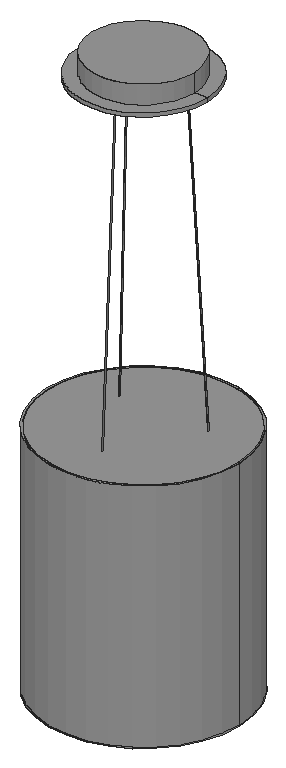
Revit family "Artemide_Tagora_Suspended_270", category Lighting Fixtures, Revit 2018
Family settings
  Round Connector Dimension = Use Diameter
  Part Type = Normal
  Work Plane-Based = Yes
  Always vertical = Yes
  Cut with Voids When Loaded = No
  Light Source = Yes
  Shared = No
  Room Calculation Point = No
Parameters (values of type "Tagora_Suspended_270_32°_3000K_Beige/White_M249821")
  Wattage = 34 W
  built-in parameter 1150110 = 1 (stored number, unit not read)
  Voltage = "-"
  built-in parameter 1114217 = 1 (stored number, unit not read)
  Tilt Angle = 90.00°
  built-in parameter 1150109 = 1 (stored number, unit not read)
  built-in parameter 1150134 = (empty or 0)
  built-in parameter 1150113 = 1 (stored number, unit not read)
  Radius_InternalCylinder = Radius_ExternalCyilinder - 2 mm  # 133 mm
  Radius_ExternalCyilinder = 135 mm
  Product Range = "Tagora"
  Photometric Web File = "M249821.IES"
  Max Height from ceiling = 2000 mm
  M_HousingCylinder = Artemide_Aluminum_Beige
  M_Housing = Artemide_Aluminum_White
  M_Fixings = Artemide_Aluminum_Anodized
  M_Diffuser = Artemide_Glass_LightBulb
  built-in parameter 1150105 = 130.17 (stored number, unit not read)
  Lumens = 1635.74 lm
  built-in parameter 1150115 = 1 (stored number, unit not read)
  built-in parameter 1150137 = (empty or 0)
  built-in parameter 1150139 = (empty or 0)
  built-in parameter 1150112 = 1 (stored number, unit not read)
  built-in parameter 1150114 = 1 (stored number, unit not read)
  built-in parameter 1150132 = (empty or 0)
  built-in parameter 1150102 = (empty or 0)
  built-in parameter 1150107 = 3000 (stored number, unit not read)
  built-in parameter 1150138 = (empty or 0)
  built-in parameter 1150106 = 1.3017 (stored number, unit not read)
  IfcExportType = "NOT DEFINED"  # constant formula
  IfcExportAs = "IfcLightFixtureType"  # constant formula
  Weekly = "-"
  Warranty ID = "https://cloud.artemide.com/5-years-warranty"
  Upward Component  = 0
  Unified Glare Rating  = "-"
  Uniclass 2015 = "Pr_70_70_48"  # constant formula
  URL to O&M Manual = "https://www.artemide.com/contents/documenti/prodotto/tagora_sospensione_270__instructions2513870.pdf"
  URL to Energy Technology List = "-"
  Trim Material = "-"
  Trim Finish = "-"
  Trim Colour  = "-"
  Total Power = 0
  Total Light Output  = 0
  Testing method = "-"
  Supply Phase = 0
  Suitable for Photocell Control = "-"
  Suitable for Motion Detector Control = "N"
  Suitable for Dimming  = "Y"
  Suitable Dimmer Type = "DALI"
  Standards = "-"
  Shipping Weight = 0
  Service life  = "-"
  Secondary Rated Lamp Life = 0
  Secondary Lamp Voltage = 0
  Secondary Lamp International Type Code = "-"
  Secondary Lamp Initial Lumens  = 0
  Secondary Lamp Included = "-"
  Secondary Lamp Efficacy = 0
  Secondary Lamp Colour Temperature = 0
  Secondary Lamp Colour Rendering Index = 0
  Secondary Lamp Cap = "-"
  Secondary Lamp = "-"
  Responsible Sourcing of Materials = "-"
  Responsible Extraction of Materials = "-"
  Reflector Material = "-"
  Reflector Finish = "-"
  Rated Lamp Life = 50000
  Quarterly = "-"
  Product Model Number = "M249821"
  Product Literature = "https://www.artemide.com/en/subfamily/1650634/tagora-suspension-270"
  Primary Lamp Type = "LED"
  Power Supply Kit = "-"
  Power Factor = 0
  Photocell = "-"
  Overall Width = 0
  Overall Light Output Ratio = 0
  Overall Length = 270
  Overall Height = 330
  Output Lumens Indirect light = 0
  Output Lumens Direct light = 1636
  Number of Secondary Lamps = 0
  Number of Primary Lamps = 1
  Number of Poles = 0
  Motion Sensor = "-"
  Motion Detector = "-"
  Monthly = "-"
  Minimum Operating Temperature = 0
  Maximum Operating Temperature = 0
  Material Ingredient Reporting = "-"
  Manufacturer Website = "https://www.artemide.com"
  Manufacturer = "Artemide"
  Maintenance Required: 8001-12000hrs  = "-"
  Maintenance Required: 601-1000hrs = "-"
  Maintenance Required: 4001-8000hrs  = "-"
  Maintenance Required: 301-600hrs  = "-"
  Maintenance Required: 2001-4000hrs  = "-"
  Maintenance Required: 1001-2000hrs  = "-"
  Maintenance Required: 0-300hrs  = "-"
  Luminance at 65deg Angle = 0
  Luminaire Type = "Pendant"
  Luminaire Maintenance Factor = 0
  Luminaire Cleaning Interval  = "-"
  Louvre/Lens = "-"
  Location of Manufacturer = "-"
  Light Output Pattern = "-"
  Light Fixture Mounting Type = "Suspended"
  Life Cycle Analysis = "-"
  Lamp Survival Factor = "-"
  Lamp Replacement Interval = "-"
  Lamp Included = "Y"
  Lamp Holder Material = "-"
  Lamp Cap = "LED Integrated"
  LED lifetime = 50000
  LED Maintained Colour Variation         = 0
  LED Initial Colour Variation                      = 0
  International Type Code = "-"
  Intended Market = "Unset"
  Integral Fuse or Circuit Protection  = "-"
  Integral Emergency Lighting Battery Type = "-"
  Input Lumens Indirect light = 0
  Input Lumens Direct light = 3798
  Initial Lumens = 1636
  Infills = "-"
  IP Rating = "IP20"
  IK Rating = "-"
  IES Files  = "https://www.artemide.com/product/downloadFile/1715930/ieseu/4887936"
  Housing Material = "Aluminium"
  Housing Finish  = "Painted"
  Housing Colour  = "Beige/White"
  Hazardous Area Protection Type = "-"
  Hazardous Area Category = "-"
  Gross Weight = 3.15
  Green Guide for Specification = "-"
  Gasket Material = "-"
  Frequency  = 0
  Fixings = "-"
  Fixing Material = "-"
  Fire Shroud = "-"
  Fire Rating Duration = 0
  Fire Rated Temperature = 0
  Fire Rated = "-"
  Features = "Any additional components/accessories included in this file are required to complete the product/configuration and must be ordered separately.Please check the catalogue/dedicated brochure for more information"
  Face Width = 0
  Face Shape = "Cylindrical"
  Face Length = 0
  External Control Line Voltage = 0
  Expected Life = "-"
  Environmental Product Declaration = "-"
  End Caps/Transition Caps/Joints = "-"
  Emit from Circle Diameter = 122.7 mm
  Emit Shape Visible in Rendering = no
  Emergency light output percentage = 0
  Emergency Lighting Battery = "-"
  Emergency Charging Power       = 0
  Emergency = "N"
  Embodied Carbon  = 0
  Efficiency = 43
  built-in parameter 1150104 = 4.4696 (stored number, unit not read)
  Earth Point  = "-"
  ENEC Certification of European conformity = "N"
  Duration of Integral Emergency Lighting  = 0
  Drive Current                                          = 0
  Downward Component = 0
  Distance_LampFromCeilingMax [instance] = if(Distance_LampFromCeiling < Max Height from ceiling, Distance_LampFromCeiling, Max Height from ceiling)  # 469.5 mm
  Distance_LampFromCeiling [instance] = 469.5 mm
  Distance_HeightLamp = 329.5 mm
  Dimming Lamp Color Temperature Shift = <None>
  Diffusing screen = "-"
  Diffuser Material  = "-"
  Diffuser Finish = "-"
  Designed by = "S./R. Cornelissen"
  Default Elevation = 1219.2 mm
  Daylight Sensor = "-"
  Daily = "-"
  Cut Out Width = 0
  Cut Out Length = 0
  Current  = 0
  Control Gear Type = "-"
  Control Gear Standby Power  = 0
  Control Gear Required = "-"
  Control Gear Location = "-"
  Column = "-"
  Colour Temperature = 3000
  Colour Rendering Index = 90
  Color Filter = 16777215
  Cable Material = "-"
  CE Approval = "Y"
  Bespoke Timeframe = "-"
  Beam Angle Transverse Axis  = 0.00°
  Beam Angle Longditudinal Axis  = 0.00°
  Basis of lifetime luminaire failures        = 0
  Basis of lifetime lumen depreciation   = 0
  built-in parameter 1114218 = 1 (stored number, unit not read)
  built-in parameter 1150133 = 10 (stored number, unit not read)
  Application Environment = "Internal"
  Annually = "-"
  Ambient Temperature                             = 0
  Air Handling = "-"
  Access Clearance Top = 0
  Access Clearance Right = 0
  Access Clearance Rear = 0
  Access Clearance Left = 0
  Access Clearance Front = 0
  Access Clearance Bottom = 0
  6 Monthly = "-"
Types (20, lengths in mm): name | built-in parameter 1150134 | Photometric Web File | M_HousingCylinder | M_Housing | built-in parameter 1150105 | Lumens | built-in parameter 1150107 | built-in parameter 1150106 | Product Model Number | Output Lumens Direct light | Input Lumens Direct light | Initial Lumens | IES Files  | Housing Colour  | Efficiency | built-in parameter 1150104 | Colour Temperature
  Tagora_Suspended_270_16°_3000K_Beige/White_M249621 | (empty or 0) | "M249621.IES" | Artemide_Aluminum_Beige | Artemide_Aluminum_White | 143.56 (stored number, unit not read) | 1804.04 lm | 3000 (stored number, unit not read) | 1.4356 (stored number, unit not read) | "M249621" | 1804 | 3798 | 1804 | "https://www.artemide.com/product/downloadFile/1715632/ieseu/4887986" | "Beige/White" | 47 | 4.9294 (stored number, unit not read) | 3000
  Tagora_Suspended_270_16°_4000K_Beige/White_M249721 | 12 | "M249721.IES" | Artemide_Aluminum_Beige | Artemide_Aluminum_White | 153.27 (stored number, unit not read) | 1926.1 lm | 4000 (stored number, unit not read) | 1.5327 (stored number, unit not read) | "M249721" | 1926 | 4054 | 1926 | "https://www.artemide.com/product/downloadFile/1716520/ieseu/4887940" | "Beige/White" | 48 | 5.263 (stored number, unit not read) | 4000
  Tagora_Suspended_270_32°_3000K_Beige/White_M249821 | (empty or 0) | "M249821.IES" | Artemide_Aluminum_Beige | Artemide_Aluminum_White | 130.17 (stored number, unit not read) | 1635.74 lm | 3000 (stored number, unit not read) | 1.3017 (stored number, unit not read) | "M249821" | 1636 | 3798 | 1636 | "https://www.artemide.com/product/downloadFile/1715930/ieseu/4887936" | "Beige/White" | 43 | 4.4696 (stored number, unit not read) | 3000
  Tagora_Suspended_270_32°_4000K_Beige/White_M249921 | 12 | "M249921.IES" | Artemide_Aluminum_Beige | Artemide_Aluminum_White | 138.77 (stored number, unit not read) | 1743.86 lm | 4000 (stored number, unit not read) | 1.3877 (stored number, unit not read) | "M249921" | 1744 | 4054 | 1744 | "https://www.artemide.com/product/downloadFile/1716136/ieseu/4887717" | "Beige/White" | 43 | 4.765 (stored number, unit not read) | 4000
  Tagora_Suspended_270_16°_3000K_Grey/White_M249661 | (empty or 0) | "M249661.IES" | Artemide_Aluminum_Grey | Artemide_Aluminum_White | 143.56 (stored number, unit not read) | 1804.04 lm | 3000 (stored number, unit not read) | 1.4356 (stored number, unit not read) | "M249661" | 1804 | 3798 | 1804 | "https://www.artemide.com/product/downloadFile/1714806/ieseu/4887774" | "Grey/White" | 47 | 4.9294 (stored number, unit not read) | 3000
  Tagora_Suspended_270_16°_4000K_Grey/White_M249761 | 12 | "M249761.IES" | Artemide_Aluminum_Grey | Artemide_Aluminum_White | 153.27 (stored number, unit not read) | 1926.1 lm | 4000 (stored number, unit not read) | 1.5327 (stored number, unit not read) | "M249761" | 1926 | 4054 | 1926 | "https://www.artemide.com/product/downloadFile/1715222/ieseu/4887850" | "Grey/White" | 48 | 5.263 (stored number, unit not read) | 4000
  Tagora_Suspended_270_32°_3000K_Grey/White_M249861 | (empty or 0) | "M249861.IES" | Artemide_Aluminum_Grey | Artemide_Aluminum_White | 130.17 (stored number, unit not read) | 1635.74 lm | 3000 (stored number, unit not read) | 1.3017 (stored number, unit not read) | "M249861" | 1636 | 3798 | 1636 | "https://www.artemide.com/product/downloadFile/1715016/ieseu/4887851" | "Grey/White" | 43 | 4.4696 (stored number, unit not read) | 3000
  Tagora_Suspended_270_32°_4000K_Grey/White_M249961 | 12 | "M249961.IES" | Artemide_Aluminum_Grey | Artemide_Aluminum_White | 138.77 (stored number, unit not read) | 1743.86 lm | 4000 (stored number, unit not read) | 1.3877 (stored number, unit not read) | "M249961" | 1744 | 4054 | 1744 | "https://www.artemide.com/product/downloadFile/1715426/ieseu/4887833" | "Grey/White" | 43 | 4.765 (stored number, unit not read) | 4000
  Tagora_Suspended_270_16°_3000K_Black/Orange_M249611 | (empty or 0) | "M249611.IES" | Artemide_Aluminum_Black | Artemide_Aluminum_Orange | 143.56 (stored number, unit not read) | 1804.04 lm | 3000 (stored number, unit not read) | 1.4356 (stored number, unit not read) | "M249611" | 1804 | 3798 | 1804 | "https://www.artemide.com/product/downloadFile/1713613/ieseu/4887879" | "Black/Orange" | 47 | 4.9294 (stored number, unit not read) | 3000
  Tagora_Suspended_270_16°_4000K_Black/Orange_M249711 | 12 | "M249711.IES" | Artemide_Aluminum_Black | Artemide_Aluminum_Orange | 153.27 (stored number, unit not read) | 1926.1 lm | 4000 (stored number, unit not read) | 1.5327 (stored number, unit not read) | "M249711" | 1926 | 4054 | 1926 | "https://www.artemide.com/product/downloadFile/1714514/ieseu/4887754" | "Black/Orange" | 48 | 5.263 (stored number, unit not read) | 4000
  Tagora_Suspended_270_32°_3000K_Black/Orange_M249811 | (empty or 0) | "M249811.IES" | Artemide_Aluminum_Black | Artemide_Aluminum_Orange | 130.17 (stored number, unit not read) | 1635.74 lm | 3000 (stored number, unit not read) | 1.3017 (stored number, unit not read) | "M249811" | 1636 | 3798 | 1636 | "https://www.artemide.com/product/downloadFile/1714016/ieseu/4887881" | "Black/Orange" | 43 | 4.4696 (stored number, unit not read) | 3000
  Tagora_Suspended_270_32°_4000K_Black/Orange_M249911 | 12 | "M249911.IES" | Artemide_Aluminum_Black | Artemide_Aluminum_Orange | 138.77 (stored number, unit not read) | 1743.86 lm | 4000 (stored number, unit not read) | 1.3877 (stored number, unit not read) | "M249911" | 1744 | 4054 | 1744 | "https://www.artemide.com/product/downloadFile/1714222/ieseu/4887810" | "Black/Orange" | 43 | 4.765 (stored number, unit not read) | 4000
  Tagora_Suspended_270_16°_3000K_Black/Blue_M249631 | (empty or 0) | "M249631.IES" | Artemide_Aluminum_Black | Artemide_Aluminum_Blue | 143.56 (stored number, unit not read) | 1804.04 lm | 3000 (stored number, unit not read) | 1.4356 (stored number, unit not read) | "M249631" | 1804 | 3798 | 1804 | "https://www.artemide.com/product/downloadFile/2513911/ieseu/4887813" | "Black/Blue" | 47 | 4.9294 (stored number, unit not read) | 3000
  Tagora_Suspended_270_16°_4000K_Black/Blue_M249731 | 12 | "M249731.IES" | Artemide_Aluminum_Black | Artemide_Aluminum_Blue | 153.27 (stored number, unit not read) | 1926.1 lm | 4000 (stored number, unit not read) | 1.5327 (stored number, unit not read) | "M249731" | 1926 | 4054 | 1926 | "https://www.artemide.com/product/downloadFile/2514179/ieseu/4887796" | "Black/Blue" | 48 | 5.263 (stored number, unit not read) | 4000
  Tagora_Suspended_270_32°_3000K_Black/Blue_M249831 | (empty or 0) | "M249831.IES" | Artemide_Aluminum_Black | Artemide_Aluminum_Blue | 130.17 (stored number, unit not read) | 1635.74 lm | 3000 (stored number, unit not read) | 1.3017 (stored number, unit not read) | "M249831" | 1636 | 3798 | 1636 | "https://www.artemide.com/product/downloadFile/2514701/ieseu/4887624" | "Black/Blue" | 43 | 4.4696 (stored number, unit not read) | 3000
  Tagora_Suspended_270_32°_4000K_Black/Blue_M249931 | 12 | "M249931.IES" | Artemide_Aluminum_Black | Artemide_Aluminum_Blue | 138.77 (stored number, unit not read) | 1743.86 lm | 4000 (stored number, unit not read) | 1.3877 (stored number, unit not read) | "M249931" | 1744 | 4054 | 1744 | "https://www.artemide.com/product/downloadFile/2515213/ieseu/4887828" | "Black/Blue" | 43 | 4.765 (stored number, unit not read) | 4000
  Tagora_Suspended_270_16°_3000K_Black/Green_M249641 | (empty or 0) | "M249641.IES" | Artemide_Aluminum_Black | Artemide_Aluminum_Green | 143.56 (stored number, unit not read) | 1804.04 lm | 3000 (stored number, unit not read) | 1.4356 (stored number, unit not read) | "M249641" | 1804 | 3798 | 1804 | "https://www.artemide.com/product/downloadFile/2513667/ieseu/4887612" | "Black/Green" | 47 | 4.9294 (stored number, unit not read) | 3000
  Tagora_Suspended_270_16°_4000K_Black/Green_M249741 | 12 | "M249741.IES" | Artemide_Aluminum_Black | Artemide_Aluminum_Green | 153.27 (stored number, unit not read) | 1926.1 lm | 4000 (stored number, unit not read) | 1.5327 (stored number, unit not read) | "M249741" | 1926 | 4054 | 1926 | "https://www.artemide.com/product/downloadFile/2514433/ieseu/4887615" | "Black/Green" | 48 | 5.263 (stored number, unit not read) | 4000
  Tagora_Suspended_270_32°_3000K_Black/Green_M249841 | (empty or 0) | "M249841.IES" | Artemide_Aluminum_Black | Artemide_Aluminum_Green | 130.17 (stored number, unit not read) | 1635.74 lm | 3000 (stored number, unit not read) | 1.3017 (stored number, unit not read) | "M249841" | 1636 | 3798 | 1636 | "https://www.artemide.com/product/downloadFile/2514945/ieseu/4887699" | "Black/Green" | 43 | 4.4696 (stored number, unit not read) | 3000
  Tagora_Suspended_270_32°_4000K_Black/Green_M249941 | 12 | "M249941.IES" | Artemide_Aluminum_Black | Artemide_Aluminum_Green | 138.77 (stored number, unit not read) | 1743.86 lm | 4000 (stored number, unit not read) | 1.3877 (stored number, unit not read) | "M249941" | 1744 | 4054 | 1744 | "https://www.artemide.com/product/downloadFile/2515457/ieseu/4887654" | "Black/Green" | 43 | 4.765 (stored number, unit not read) | 4000
Reference planes
  plane 1 "Center (Front/Back)": y = 0
  plane 2 "Top Fixings": z = 0
  plane 3 "Center (Left/Right)": x = 0
  plane 4 "Bottom Internal Cone": z = -797.5
  plane 5 "Middle Internal Cone": z = -623.001
  plane 6: z = -621.501
  plane 7 "Top Internal Cone": z = -607.782
  plane 8 "Center L/T": z = -609.282
  plane 9 "Bottom Lamp": z = -799
  plane 10 "Light": z = -332.959
  plane 11 "Bottom Fixings": z = -46.969
  plane 12: z = -625.618
  plane 13 "Center L/W": z = -471.5
  plane 14 "Top Lamp": z = -469.5
  plane 15 "Middle Fixings": z = -25.578
  plane 16 "Center L/Z": z = -615.059
  plane 17: y = -48.98
  plane 18: y = -71.628
  plane 19 "Center L/AA": z = -42.161
Forms (mm)
  Extrusion 1, solid, material "Artemide_Aluminum_Beige" <- "M_HousingCylinder"
    sketch origin (0, 0, 0) x (1, 0, 0) y (0, 1, 0)
      loop
        circle (0, 0) r 135
      loop
        circle (0, 0) r 133
    from -797.5 to -469.5
  Extrusion 2, solid, material "Artemide_Aluminum_Beige" <- "M_HousingCylinder"
    sketch origin (0, 0, 0) x (1, 0, 0) y (0, 1, 0)
      loop
        circle (0, 0) r 133
    from -469.5 to -471.5
  Revolve 3, solid, material "Artemide_Aluminum_White" <- "M_Housing"
    sketch origin (0, 0, -187.401) x (1, 0, 0) y (0, 0, 1)
      loop
        arc (-52.753, -420.381) -> (-57.013, -428.965) -> (-65.106, -434.1) r 17.814
        line (-65.106, -434.1) -> (-60.564, -434.1)
        arc (-60.564, -434.1) -> (-54.657, -428.941) -> (-51.243, -421.881) r 19.614
        line (-51.243, -421.881) -> (0, -421.881) -> (0, -420.381) -> (-52.753, -420.381)
      axis (0, -420.381) -> (0, -434.1)
    angle from 0 to 360
  Revolve 4, solid, material "Artemide_Glass_LightBulb" <- "M_Diffuser"
    sketch origin (0, 0, -187.401) x (1, 0, 0) y (0, 0, 1)
      loop
        arc (-64.134, -434.1) -> (-61.649, -435.419) -> (-61.35, -438.217) r 3
        line (-61.35, -438.217) -> (0, -438.217) -> (0, -434.1) -> (-64.134, -434.1)
      axis (0, -434.1) -> (0, -438.217)
    angle from 0 to 360
  Revolve 5, solid, material "Artemide_Aluminum_White" <- "M_Housing"
    sketch origin (0, 0, -187.401) x (1, 0, 0) y (0, 0, 1)
      loop
        line (-74.916, -434.1) -> (-74.916, -435.6) -> (-64.134, -435.6)
        arc (-64.134, -435.6) -> (-62.892, -436.261) -> (-62.742, -437.661) r 1.502
        line (-62.742, -437.661) -> (-131.916, -610.099) -> (-135, -610.099) -> (-135, -611.599) -> (-130.903, -611.599) -> (-61.35, -438.217)
        arc (-61.35, -438.217) -> (-61.649, -435.419) -> (-64.134, -434.1) r 3
        line (-64.134, -434.1) -> (-74.916, -434.1)
      axis (0, -434.1) -> (0, -611.599)
    angle from 0 to 360
  Extrusion 6, solid, material "Artemide_Aluminum_Anodized" <- "M_Fixings"
    sketch origin (0, 0, 0) x (1, 0, 0) y (0, 1, 0)
      loop
        circle (0, 0) r 71.7
    from -25.578 to 0
  Revolve 7, solid, material "Artemide_Aluminum_Anodized" <- "M_Fixings"
    sketch origin (0, 0, 0) x (1, 0, 0) y (0, 0, 1)
      loop
        line (-90.087, -25.578) -> (-90.087, -30.7)
        arc (-90.087, -30.7) -> (-45.747, -42.729) -> (0, -46.969) r 266.67
        line (0, -46.969) -> (0, -25.578) -> (-90.087, -25.578)
      axis (0, -25.578) -> (0, -46.969)
    angle from 0 to 360
  Sweep 8, solid, material "Artemide_Aluminum_Anodized" <- "M_Fixings"
    path origin (0, 0, 0) x (0, 1, 0) y (0, 0, 1)
      loop
        line (-48.98, -42.161) -> (-71.628, -469.5)
    profile origin (0, -60.304, -255.83) x (0, 0.998599, -0.052922) y (1, 0, 0)
      loop
        circle (0, 0) r 0.4
  Sweep 9, solid, material "Artemide_Aluminum_Anodized" <- "M_Fixings"
    path origin (0, 0, 0) x (-0.866025, -0.5, 0) y (0, 0, 1)
      loop
        line (-48.98, -42.161) -> (-71.628, -469.5)
    profile origin (52.225, 30.152, -255.83) x (-0.864812, -0.499299, -0.052922) y (-0.5, 0.866025, 0)
      loop
        circle (0, 0) r 0.4
  Sweep 10, solid, material "Artemide_Aluminum_Anodized" <- "M_Fixings"
    path origin (0, 0, 0) x (0.866025, -0.5, 0) y (0, 0, -1)
      loop
        line (-48.98, 42.161) -> (-71.628, 469.5)
    profile origin (-52.225, 30.152, -255.83) x (-0.864812, 0.499299, 0.052922) y (0.5, 0.866025, 0)
      loop
        circle (0, 0) r 0.4
Dimensions and locks
  locked: plane 4 "Bottom Internal Cone" to plane 9 "Bottom Lamp" at 1.5
  locked: plane 7 "Top Internal Cone" to plane 8 "Center L/T" at 1.5
  locked: plane 6 to plane 5 "Middle Internal Cone" at 1.5
  locked: plane 6 to plane 12 at 4.117
  locked: plane 7 "Top Internal Cone" to plane 12 at 17.836
  locked: plane 14 "Top Lamp" to plane 13 "Center L/W" at 2
  locked: plane 2 "Top Fixings" to plane 15 "Middle Fixings" at 25.578
  locked: plane 15 "Middle Fixings" to plane 11 "Bottom Fixings" at 21.391
  "Distance_LampFromCeilingMax": plane 2 "Top Fixings" to plane 14 "Top Lamp"
  "Distance_HeightLamp": plane 14 "Top Lamp" to plane 9 "Bottom Lamp"
  locked: plane 12 to plane 4 "Bottom Internal Cone" at 171.882
  locked: plane 8 "Center L/T" to plane 16 "Center L/Z" at 5.777
  locked: plane 1 "Center (Front/Back)" to plane 17 at 48.98
  locked: plane 17 to plane 18 at 22.648
  locked: plane 19 "Center L/AA" to plane 11 "Bottom Fixings" at 4.808
  "Radius_ExternalCyilinder": radius of Extrusion 1 sketch curve
  "Radius_InternalCylinder": radius of Extrusion 1 sketch curve
  "Radius_InternalCylinder": radius of Extrusion 2 sketch curve
  aligned and locked: level to plane 2 "Top Fixings"
  aligned and locked: plane 3 "Center (Left/Right)" to imposter light
  aligned and locked: imposter light to plane 1 "Center (Front/Back)"
  aligned and locked: plane 3 "Center (Left/Right)" to Extrusion 1 sketch curve  (x2)
  aligned and locked: plane 1 "Center (Front/Back)" to Extrusion 1 sketch curve  (x2)
  aligned and locked: Extrusion 1 to plane 4 "Bottom Internal Cone"
  aligned and locked: plane 3 "Center (Left/Right)" to Extrusion 2 sketch curve
  aligned and locked: plane 1 "Center (Front/Back)" to Extrusion 2 sketch curve
  aligned and locked: Revolve 3 sketch curve to plane 7 "Top Internal Cone"
  aligned and locked: plane 8 "Center L/T" to Revolve 3 sketch curve
  aligned and locked: Revolve 3 sketch curve to plane 6
  aligned and locked: Revolve 3 sketch curve to plane 3 "Center (Left/Right)"
  aligned and locked: Revolve 4 sketch curve to plane 6
  aligned and locked: plane 12 to Revolve 4 sketch curve
  aligned and locked: Revolve 4 sketch curve to plane 3 "Center (Left/Right)"
  aligned and locked: Revolve 5 sketch curve to plane 6
  aligned and locked: plane 5 "Middle Internal Cone" to Revolve 5 sketch curve
  aligned and locked: Revolve 5 sketch curve to plane 4 "Bottom Internal Cone"
  aligned and locked: plane 9 "Bottom Lamp" to Revolve 5 sketch curve
  aligned and locked: Revolve 5 sketch curve to plane 3 "Center (Left/Right)"
  aligned and locked: Extrusion 2 to plane 13 "Center L/W"
  aligned and locked: plane 14 "Top Lamp" to Extrusion 2
  aligned and locked: plane 14 "Top Lamp" to Extrusion 1
  aligned and locked: plane 3 "Center (Left/Right)" to Extrusion 6 sketch curve
  aligned and locked: plane 1 "Center (Front/Back)" to Extrusion 6 sketch curve
  aligned and locked: Extrusion 6 to plane 15 "Middle Fixings"
  aligned and locked: plane 2 "Top Fixings" to Extrusion 6
  aligned and locked: Revolve 7 sketch curve to plane 3 "Center (Left/Right)"
  aligned and locked: Revolve 7 sketch curve to plane 15 "Middle Fixings"
  aligned and locked: plane 11 "Bottom Fixings" to Revolve 7 sketch curve
  aligned and locked: plane 16 "Center L/Z" to imposter light
  aligned and locked: plane 14 "Top Lamp" to Sweep 8 sketch curve
  aligned and locked: plane 18 to Sweep 8 sketch curve
  aligned and locked: plane 19 "Center L/AA" to Sweep 8 sketch curve
  aligned and locked: plane 17 to Sweep 8 sketch curve
Automatic sketch dimensions
  Revolve 3 sketch curve to Revolve 3 sketch curve = 0 mm  (x2)
  Revolve 3 sketch curve to plane 3 "Center (Left/Right)" = 0 mm
  Revolve 3 sketch curve to Revolve 3 sketch curve = 51.243 mm
  Revolve 3 sketch curve to Revolve 3 sketch curve = 1.51 mm
  Revolve 3 sketch curve to Revolve 3 sketch curve = 9.321 mm
  Revolve 3 sketch curve to Revolve 3 sketch curve = 4.542 mm
  Revolve 3 sketch curve to plane 9 "Bottom Lamp" = 1210.919 mm
  level to Revolve 3 sketch curve = 2026.914 mm
  Revolve 4 sketch curve to plane 3 "Center (Left/Right)" = 0 mm
  Revolve 4 sketch curve to Revolve 4 sketch curve = 61.35 mm
  plane 12 to Revolve 4 sketch curve = 1.117 mm
  Revolve 4 sketch curve to plane 9 "Bottom Lamp" = 1210.919 mm
  level to Revolve 4 sketch curve = 2026.914 mm
  Revolve 5 sketch curve to plane 12 = 0 mm
  Revolve 5 sketch curve to plane 3 "Center (Left/Right)" = 61.35 mm
  plane 12 to Revolve 5 sketch curve = 0.556 mm
  Revolve 5 sketch curve to Revolve 5 sketch curve = 1.392 mm  (x2)
  Revolve 5 sketch curve to Revolve 5 sketch curve = 0 mm
  Revolve 5 sketch curve to Revolve 5 sketch curve = 0.001 mm
  Revolve 5 sketch curve to Revolve 5 sketch curve = 10.782 mm
  Revolve 5 sketch curve to plane 3 "Center (Left/Right)" = 130.903 mm
  Revolve 5 sketch curve to Revolve 5 sketch curve = 1.014 mm
  Revolve 5 sketch curve to Revolve 5 sketch curve = 3.084 mm
  Revolve 5 sketch curve to plane 9 "Bottom Lamp" = 1210.919 mm
  level to Revolve 5 sketch curve = 2026.914 mm
  Revolve 7 sketch curve to plane 3 "Center (Left/Right)" = 0 mm
  Revolve 7 sketch curve to plane 3 "Center (Left/Right)" = 90.087 mm
  plane 3 "Center (Left/Right)" to Revolve 7 sketch curve = 1.644 mm
  Revolve 7 sketch curve to Revolve 7 sketch curve = 5.123 mm
  Revolve 7 sketch curve to plane 9 "Bottom Lamp" = 1023.515 mm
  Revolve 7 sketch curve to Revolve 7 sketch curve = 1994.619 mm
  Sweep 8 sketch curve to plane 3 "Center (Left/Right)" = 0 mm
  Sweep 8 sketch curve to profile plane = 0 mm
  plane 14 "Top Lamp" to Sweep 9 sketch curve = 0 mm
  plane 19 "Center L/AA" to Sweep 9 sketch curve = 0 mm
  Sweep 9 sketch curve to Sweep 9 sketch curve = 22.648 mm
  profile plane to Sweep 9 sketch curve = 0 mm  (x2)
  plane 14 "Top Lamp" to Sweep 10 sketch curve = 0 mm
  plane 19 "Center L/AA" to Sweep 10 sketch curve = 0 mm
  Sweep 10 sketch curve to Sweep 10 sketch curve = 22.648 mm
  Sweep 10 sketch curve to profile plane = 0 mm
  profile plane to Sweep 10 sketch curve = 0 mm
  radius of Extrusion 6 sketch curve = 71.7 mm
  radius of Sweep 8 sketch curve = 0.4 mm
  radius of Sweep 9 sketch curve = 0.4 mm
  radius of Sweep 10 sketch curve = 0.4 mm
